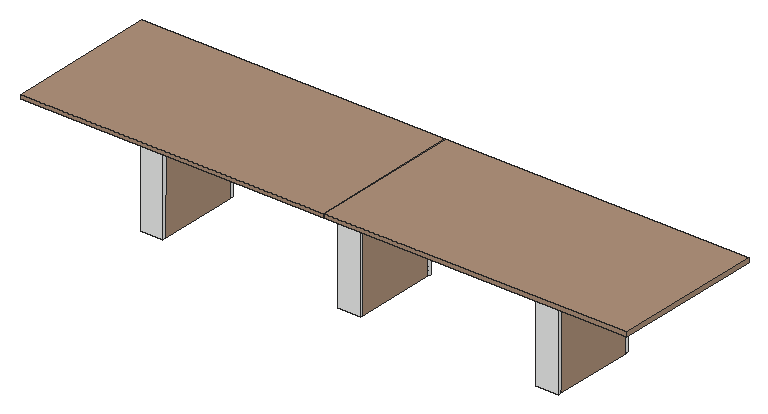
Revit family "Tables-Meeting-Teknion-BC_CHP_Height_Adjustable_Conference_Table_Panel_Bases-R2019", category Furniture, Revit 2019 (continued)
Dimensions and locks (in)
  aligned and locked: curve 186 to Sweep 19
  aligned and locked: curve 188 to Sweep 21
  aligned and locked: curve 190 to Sweep 21
  aligned and locked: curve 192 to Sweep 21
  aligned and locked: curve 194 to Sweep 21
  aligned and locked: plane 5 "Right" to curve 195
  aligned and locked: curve 196 to plane 4 "Left"
  aligned and locked: plane 13 to Sweep 2 sketch curve
  aligned and locked: plane 13 to Sweep 3 sketch curve
  aligned and locked: Sweep 4 sketch curve to plane 13
  aligned and locked: plane 13 to Sweep 1 sketch curve  (x2)
  aligned and locked: plane 13 to Sweep 9 sketch curve
  aligned and locked: plane 13 to Sweep 12 sketch curve
  aligned and locked: Sweep 17 sketch curve to plane 13
  aligned and locked: plane 13 to Sweep 16 sketch curve
Automatic sketch dimensions
  plane 7 "Front" to curve 1 = 26.54855"
  curve 1 to plane 5 "Right" = 322.06152"
  curve 1 to curve 2 = 4.41887"
  curve 2 to curve 3 = 3.970"
  curve 3 to curve 4 = 1.65396"
  curve 4 to curve 5 = 9.86624"
  curve 5 to curve 6 = 1.21409"
  curve 2 to curve 1 = 36.04388"
  curve 2 to curve 2 = 8.500"
  curve 3 to curve 2 = 35.74555"
  curve 3 to curve 3 = 9.750"
  curve 4 to curve 3 = 33.86347"
  curve 4 to curve 4 = 9.000"
  curve 5 to curve 4 = 35.24555"
  curve 5 to curve 5 = 9.000"
  curve 6 to curve 5 = 36.04841"
  curve 6 to curve 6 = 6.500"
  curve 1 to curve 1 = 7.500"
  curve 20 to curve 75 = 1.3937"
  curve 18 to curve 59 = 1.3937"
  plane 7 "Front" to curve 195 = 0.000"
  curve 195 to plane 6 "Back" = 0.000"
  curve 196 to plane 7 "Front" = 0.000"
  curve 196 to plane 6 "Back" = 0.000"
  radius of Sweep 15 sketch curve = 0.500"  (x4)
  radius of Sweep 22 sketch curve = 0.500"  (x2)
Types (8): name | Worksurface Thickness | Model | Frame Depth | Description | Depth | Available Widths
  (no name) | 1.189" | "BCMCHPS42_____" | 34.819" | "Height-Adjustable Conference Table - Panel Base, 1 3/16\" Worksurface Thickness, Standard Range - 28\" to 43\", 42\" Depth" | 41.790" | "108\", 120\", 132\", 144\", 156\", or 168\""
  1 3/16" Worksurface Thickness, Standard Range, 60" Depth | 1.189" | "BCMCHPS60_____" | 40.819" | "Height-Adjustable Conference Table - Panel Base, 1 3/16\" Worksurface Thickness, Standard Range - 28\" to 43\", 60\" Depth" | 59.700" | "120\", 132\", 144\", 156\", or 168\""
  1 3/16" Worksurface Thickness, Standard Range, 54" Depth | 1.189" | "BCMCHPS54_____" | 40.819" | "Height-Adjustable Conference Table - Panel Base, 1 3/16\" Worksurface Thickness, Standard Range - 28\" to 43\", 54\" Depth" | 53.730" | "120\", 132\", 144\", 156\", or 168\""
  1 3/16" Worksurface Thickness, Standard Range, 48" Depth | 1.189" | "BCMCHPS48_____" | 34.819" | "Height-Adjustable Conference Table - Panel Base, 1 3/16\" Worksurface Thickness, Standard Range - 28\" to 43\", 48\" Depth" | 47.760" | "108\", 120\", 132\", 144\", 156\", or 168\""
  1 3/16" Worksurface Thickness, Standard Range, 42" Depth | 1.189" | "BCMCHPS42_____" | 34.819" | "Height-Adjustable Conference Table - Panel Base, 1 3/16\" Worksurface Thickness, Standard Range - 28\" to 43\", 42\" Depth" | 41.790" | "108\", 120\", 132\", 144\", 156\", or 168\""
  1 9/16" Worksurface Thickness, Standard Range, 42" Depth | 1.555" | "BCXCHPS42_____" | 34.819" | "Height-Adjustable Conference Table - Panel Base, 1 9/16\" Worksurface Thickness, Standard Range - 28\" to 43\", 42\" Depth" | 41.790" | "108\", 120\", 132\", 144\", 156\", or 168\""
  1 9/16" Worksurface Thickness, Standard Range, 48" Depth | 1.555" | "BCXCHPS48_____" | 34.819" | "Height-Adjustable Conference Table - Panel Base, 1 9/16\" Worksurface Thickness, Standard Range - 28\" to 43\", 48\" Depth" | 47.760" | "108\", 120\", 132\", 144\", 156\", or 168\""
  1 9/16" Worksurface Thickness, Standard Range, 54" Depth | 1.555" | "BCXCHPS54_____" | 40.819" | "Height-Adjustable Conference Table - Panel Base, 1 9/16\" Worksurface Thickness, Standard Range - 28\" to 43\", 54\" Depth" | 53.730" | "120\", 132\", 144\", 156\", or 168\""
